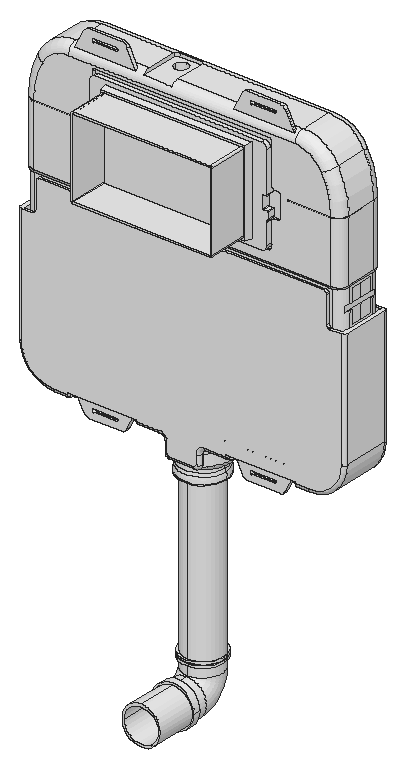
Revit family "Reece_Cistern_Hideaway_Plus_Inwall Cistern_Back to Wall", category Plumbing Fixtures, Revit 2018
Family settings
  Round Connector Dimension = Use Diameter
  Part Type = Normal
  Work Plane-Based = Yes
  Always vertical = Yes
  Cut with Voids When Loaded = Yes
  Shared = No
  Room Calculation Point = No
Parameters (values of type "White")
  URL = "https://www.reece.com.au/product/-9503671"
  Type Comments = "Cistern"
  Reece_Product_Mount = "N/A"
  Reece_Pipe_Length [instance] = 295 mm
  Reece_Pipe_Length_Offset [instance] = if(Reece_Pipe_Length > 295 mm, 295 mm, if(Reece_Pipe_Length < 145 mm, 145 mm, Reece_Pipe_Length))  # 295 mm
  Reece_Detail_Disclaimer = "THIS FILE IS THE PROPERTY OF THE REECE GROUP. IT MAY NOT BE REPRODUCED, REVERSE-ENGINEERED OR MODIFIED. ANY REPUBLICATION, TRANSMISSION OR DISTRIBUTION FOR THE PURPOSE OF COMMERCIALLY EXPLOITING THE FILES IS PROHIBITED."  # constant formula
  Reece_Cistern_Button_Attachment Point [instance] = 440 mm + Reece_Back_Inlet + Reece_Pipe_Length_Offset  # 1000 mm
  Reece_Water_Supply_Connection = 12 mm  # constant formula
  Reece_Product_Type = "Cistern"  # constant formula
  Reece_Finished_Wall_Thickness [instance] = 70 mm
  Reece_Finished_Wall_Thickness_Value [instance] = if(Reece_Finished_Wall_Thickness > 70 mm, 70 mm, if(Reece_Finished_Wall_Thickness < 20 mm, 20 mm, Reece_Finished_Wall_Thickness))  # 70 mm
  Reece_Product_Web Page = "https://www.reece.com.au/product/-9503671"
  Reece_Product_Sub Brand = "Plus"  # constant formula
  Reece_Product_Number = "9503671"
  Reece_Product_Description = "Hideaway+ Inwall Cistern Back to Wall (4 Star)"  # constant formula
  Reece_Product_Brand = "Hideaway"  # constant formula
  Reece_Overall_Width = 495 mm  # constant formula
  Reece_Material_Cistern = Reece_Acrylic_White
  Reece_Detail_Installation = "Inwall Cistern"  # constant formula
  Reece_Detail_Additional = "Back to Wall"  # constant formula
  Reece_Back_Inlet [instance] = 265 mm
  Model = "Plus"
  Manufacturer = "Hideaway"
  Keynote = "Product #9503671, Reece_Cistern_Hideaway_Plus_Inwall Cistern_Back to Wall - White"
  Disclaimer = "THIS FILE IS THE PROPERTY OF THE REECE GROUP. IT MAY NOT BE REPRODUCED, REVERSE-ENGINEERED OR MODIFIED. ANY REPUBLICATION, TRANSMISSION OR DISTRIBUTION FOR THE PURPOSE OF COMMERCIALLY EXPLOITING THE FILES IS PROHIBITED."  # constant formula
  Description = "Hideaway+ Inwall Cistern Back to Wall (4 Star)"
  Default Elevation = 0 mm
Types (2, lengths in mm): name | Keynote
  (no name) | "Product #9503671, Reece_Cistern_Hideaway_Plus_Inwall Cistern_Back to Wall -  "
  White | "Product #9503671, Reece_Cistern_Hideaway_Plus_Inwall Cistern_Back to Wall - White"
Reference planes
  plane 1 "Face of Wall": y = 0
  plane 2: z = 0
  plane 3 "Center (Left/Right)": x = 0
  plane 4 "Front of Cistern": y = 70
  plane 5: x = 247.5
  plane 6: x = -247.5
  plane 7 "Centre of Buttons": z = 1000
  plane 8 "Back of Cistern": y = 156
  plane 9 "Top of Cistern": z = 1095
  plane 10 "Centre of Connection": z = 265
  plane 11 "Bottom of Cistern": z = 560
Forms (mm)
  Sweep 1, solid, material "Reece_Acrylic_White" <- "Reece_Material_Cistern"
    path origin (0, 0, 0) x (0, 1, 0) y (0, 0, 1)
      loop
        line (116, 560) -> (116, 295)
        arc (116, 295) -> (107.213, 273.787) -> (86, 265) r 30
        line (86, 265) -> (0, 265)
    profile origin (0, 43, 265) x (0, 0, -1) y (1, 0, 0)
      loop
        circle (0, 0) r 29
      loop
        circle (0, 0) r 26
  Extrusion 2, solid, material "Reece_Acrylic_White" <- "Reece_Material_Cistern"
    sketch origin (0, 0, 265) x (-1, 0, 0) y (0, -1, 0)
      loop
        circle (0, -116) r 29
      loop
        circle (0, -116) r 32
    from 45 to 48
  Extrusion 3, solid, material "Reece_Acrylic_White" <- "Reece_Material_Cistern"
    sketch origin (0, 0, 265) x (-1, 0, 0) y (0, -1, 0)
      loop
        circle (0, -116) r 29
      loop
        circle (0, -116) r 32
    from 50 to 53
  Revolve 4, solid, material "Reece_Acrylic_White" <- "Reece_Material_Cistern"
    sketch origin (0, 0, 265) x (-1, 0, 0) y (0, -1, 0)
      loop
        line (29, -70) -> (32, -70) -> (32, -59) -> (29, -59) -> (29, -70)
      axis (0, -70) -> (0, -59)
    angle from 0 to 360
  Extrusion 5, void
    sketch origin (0, 0, 560) x (-1, 0, 0) y (0, -1, 0)
      loop
        line (247.5, -156) -> (247.5, -70) -> (-247.5, -70) -> (-247.5, -156) -> (247.5, -156)
    from 0 to 563
  Extrusion 6, void
    sketch origin (0, 0, 0) x (0, 1, 0) y (0, 0, 1)
      loop
        line (156, 560) -> (70, 560) -> (70, 222) -> (156, 222) -> (156, 560)
    from -37 to 37
  Extrusion 7, void
    sketch origin (0, 0, 0) x (1, 0, 0) y (0, 0, 1)
      loop
        line (-110.5, 1065) -> (-110.5, 933) -> (110.5, 933) -> (110.5, 1065) -> (-110.5, 1065)
    from 0 to -70
  Extrusion 8, void
    sketch origin (0, 0, 0) x (1, 0, 0) y (0, 0, 1)
      loop
        circle (0, 265) r 32
    from 0 to -70
Text (mm)
  text "Reece ©" at (2328.504, -2697.783, 2990.526), in view "Reece Preview"
  text "Reece Copyright © 2018, Reece Ltd." at (-513.542, -62.732, 0), in view "Ref. Level"
Dimensions and locks
  plane 6 to plane 5 = 495 mm
  equal spacing: plane 6, plane 3 "Center (Left/Right)", plane 5
  plane 7 "Centre of Buttons" to plane 2 = 1000 mm  (x3)
  plane 7 "Centre of Buttons" to plane 10 "Centre of Connection" = 735 mm
  locked: plane 9 "Top of Cistern" to plane 7 "Centre of Buttons" at 95
  locked: plane 9 "Top of Cistern" to plane 11 "Bottom of Cistern" at 535
  plane 8 "Back of Cistern" to plane 4 "Front of Cistern" to plane 1 "Face of Wall" = 86 mm, 70 mm
  "Reece_Finished_Wall_Thickness_Value": plane 4 "Front of Cistern" to plane 1 "Face of Wall"
  plane 8 "Back of Cistern" to plane 4 "Front of Cistern" = 86 mm
  plane 5 to plane 6 = 495 mm  (x2)
  plane 2 to plane 9 "Top of Cistern" = 1095 mm
  "Reece_Pipe_Length_Offset": plane 11 "Bottom of Cistern" to plane 10 "Centre of Connection"
  "Reece_Back_Inlet": plane 10 "Centre of Connection" to plane 2
  plane 1 "Face of Wall" to plane 4 "Front of Cistern" to plane 8 "Back of Cistern" = 70 mm, 86 mm
  aligned and locked: level to plane 2
  aligned and locked: Revolve 4 to plane 4 "Front of Cistern"
  aligned and locked: plane 4 "Front of Cistern" to Extrusion 7
  aligned and locked: plane 4 "Front of Cistern" to Extrusion 8
  aligned and locked: Extrusion 5 to nested 1
Automatic sketch dimensions
  Sweep 1 sketch curve to plane 1 "Face of Wall" = 0 mm
  Sweep 1 sketch curve to plane 10 "Centre of Connection" = 0 mm
  Sweep 1 sketch curve to plane 11 "Bottom of Cistern" = 0 mm
  Sweep 1 sketch curve to Sweep 1 sketch curve = 30 mm
  plane 4 "Front of Cistern" to Sweep 1 sketch curve = 16 mm
  Extrusion 2 sketch curve to Extrusion 2 sketch curve = 0 mm  (x2)
  Extrusion 2 sketch curve to plane 3 "Center (Left/Right)" = 0 mm
  Extrusion 2 sketch curve to plane 8 "Back of Cistern" = 40 mm
  Extrusion 3 sketch curve to Extrusion 3 sketch curve = 0 mm  (x2)
  Extrusion 3 sketch curve to plane 3 "Center (Left/Right)" = 0 mm
  Extrusion 3 sketch curve to plane 8 "Back of Cistern" = 40 mm
  Revolve 4 sketch curve to plane 3 "Center (Left/Right)" = 0 mm
  Revolve 4 sketch curve to plane 4 "Front of Cistern" = 0 mm  (x2)
  Revolve 4 sketch curve to Revolve 4 sketch curve = 29 mm
  Revolve 4 sketch curve to Revolve 4 sketch curve = 3 mm
  Revolve 4 sketch curve to plane 4 "Front of Cistern" = 11 mm  (x2)
  Sweep 1 sketch curve to Sweep 1 sketch curve = 0 mm  (x6)
  Sweep 1 sketch curve to plane 3 "Center (Left/Right)" = 0 mm
  Sweep 1 sketch curve to profile plane = 0 mm
  Sweep 1 sketch curve to plane 3 "Center (Left/Right)" = 26 mm
  Extrusion 5 sketch curve to plane 5 = 0 mm
  Extrusion 5 sketch curve to plane 4 "Front of Cistern" = 0 mm
  Extrusion 5 sketch curve to plane 6 = 0 mm
  Extrusion 5 sketch curve to plane 8 "Back of Cistern" = 0 mm
  Extrusion 6 sketch curve to plane 11 "Bottom of Cistern" = 0 mm
  Extrusion 6 sketch curve to plane 10 "Centre of Connection" = 43 mm
  Extrusion 6 sketch curve to plane 8 "Back of Cistern" = 0 mm
  Extrusion 7 sketch curve to plane 3 "Center (Left/Right)" = 110.5 mm
  plane 3 "Center (Left/Right)" to Extrusion 7 sketch curve = 110.5 mm
  Extrusion 7 sketch curve to plane 7 "Centre of Buttons" = 67 mm
  Extrusion 7 sketch curve to plane 9 "Top of Cistern" = 30 mm
  Extrusion 6 sketch curve to plane 4 "Front of Cistern" = 0 mm
  Extrusion 8 sketch curve to plane 3 "Center (Left/Right)" = 0 mm
  Extrusion 8 sketch curve to plane 10 "Centre of Connection" = 0 mm
  radius of Extrusion 2 sketch curve = 29 mm
  radius of Extrusion 2 sketch curve = 32 mm
  radius of Extrusion 3 sketch curve = 29 mm
  radius of Extrusion 3 sketch curve = 32 mm
  radius of Sweep 1 sketch curve = 29 mm
  radius of Extrusion 8 sketch curve = 32 mm
Nested families
  nested 1: "Reece_Cistern_Hideaway_Plus_Inwall Cistern_Back to Wall_Nested" at (0, 0, 560), Reece_Finished_Wall_Thickness_Value <- "Reece_Finished_Wall_Thickness_Value", Reece_Material_Cistern <- "Reece_Material_Cistern", type "Reece_Cistern_Hideaway_Plus_Inwall Cistern_Back to Wall_Nested"
    with Reece_Material_Cistern Reece_Acrylic_White, Reece_Finished_Wall_Thickness_Value 70 mm, Reece_Finished_Wall_Thickness 70 mm
Connectors
  piping at (-40, 125, 1090), diameter 12, driven by "Reece_Water_Supply_Connection"
    settings: on nested 1, index 1, connector inside diameter 609.6 mm, connector length 0 mm, flow factor 0, pipe flow 0.0 L/s, pressure drop 0.0 Pa, fitting loss kfactor 0, connector angle 0.00°, fixture units 0, engagement length 0 mm, angle of deflection 0.00°, flow configuration 0, flow direction 1, fitting loss method 0, system type 29, joint type 0, gender type 0, connector reference index -1, connector utility 0, adjustable connector no, is connector primary yes, connector description ""
Definition of nested family "Reece_Cistern_Hideaway_Plus_Inwall Cistern_Back to Wall_Nested"
  Parameters (values of type "Reece_Cistern_Hideaway_Plus_Inwall Cistern_Back to Wall_Nested")
    Waste Connection = no
    WFU = 0
    Vent Connection = no
    URL = ""
    Type Comments = ""
    Reece_Finished_Wall_Thickness_Value [instance] = 70 mm
    Reece_Finished_Wall_Thickness [instance] = if(Reece_Finished_Wall_Thickness_Value > 70 mm, 70 mm, if(Reece_Finished_Wall_Thickness_Value < 20 mm, 20 mm, Reece_Finished_Wall_Thickness_Value))  # 70 mm
    Reece_Material_Cistern [instance] = none
    Model = ""
    Manufacturer = ""
    Keynote = ""
    HWFU = 0
    HW Connection = no
    Description = ""
    Default Elevation = 0 mm
    Cost = 0
    CWFU = 0
    CW Connection = no
    Assembly Code = ""
  Reference planes
    plane 1 "Face of Wall Cladding": y = 0
    plane 2: z = 0
    plane 3 "Center (Left/Right)": x = 0
    plane 4 "Rear of Wall Cladding": y = 70
    plane 5: x = 247.5
    plane 6: x = -247.5
    plane 7 "Back of Cistern": y = 156
    plane 8 "Centre of Pipe": y = 116
    plane 9: z = 535
  Forms (mm)
    Sweep 1, solid, material <- "Reece_Material_Cistern"
      path origin (0, 156, -560) x (-1, 0, 0) y (0, 0, 1)
        loop
          line (240, 905.582) -> (240, 1001)
          arc (240, 1001) -> (236.137, 1032.852) -> (224.771, 1062.856) r 133.233
          arc (224.771, 1062.856) -> (202.682, 1086.339) -> (171.629, 1095) r 60
          line (171.629, 1095) -> (-171.629, 1095)
          arc (-171.629, 1095) -> (-202.682, 1086.339) -> (-224.771, 1062.856) r 60
          arc (-224.771, 1062.856) -> (-236.137, 1032.852) -> (-240, 1001) r 133.233
          line (-240, 1001) -> (-240, 905.582)
      profile origin (0, 156, 535) x (0, 0, -1) y (0, 1, 0)
        loop
          arc (15, -1) -> (4.393, -5.393) -> (0, -16) r 15
          line (0, -16) -> (0, -64)
          arc (0, -64) -> (4.393, -74.607) -> (15, -79) r 15
          line (15, -79) -> (15, -1)
    Extrusion 2, solid, material <- "Reece_Material_Cistern"
      sketch origin (0, 70, -560) x (-1, 0, 0) y (0, 0, 1)
        loop
          arc (-171.629, 1080) -> (-194.919, 1073.504) -> (-211.485, 1055.892) r 45
          arc (-211.485, 1055.892) -> (-221.572, 1029.266) -> (-225, 1001) r 118.233
          line (-225, 1001) -> (-225, 905.582) -> (225, 905.582) -> (225, 1001)
          arc (225, 1001) -> (221.572, 1029.266) -> (211.485, 1055.892) r 118.233
          arc (211.485, 1055.892) -> (194.919, 1073.504) -> (171.629, 1080) r 45
          line (171.629, 1080) -> (-171.629, 1080)
      from 7 to 85
    Extrusion 3, void
      sketch origin (0, 7, 535) x (-1, 0, 0) y (0, -1, 0)
        loop
          arc (240, -85) -> (235.607, -74.393) -> (225, -70) r 15
          line (225, -70) -> (160.313, -70) -> (160.313, -72) -> (225, -72)
          arc (225, -72) -> (234.192, -75.808) -> (238, -85) r 13
          line (238, -85) -> (238, -109) -> (240, -109) -> (240, -85)
        loop
          line (-240, -85) -> (-240, -109) -> (-238, -109) -> (-238, -85)
          arc (-238, -85) -> (-234.192, -75.808) -> (-225, -72) r 13
          line (-225, -72) -> (-160.312, -72) -> (-160.312, -70) -> (-225, -70)
          arc (-225, -70) -> (-235.607, -74.393) -> (-240, -85) r 15
      from -96 to -94
    Extrusion 4, solid, material <- "Reece_Material_Cistern"
      sketch origin (0, 70, -560) x (-1, 0, 0) y (0, 0, 1)
        loop
          arc (-225, 724.999) -> (-221.349, 695.845) -> (-210.623, 668.492) r 118.233
          arc (-210.623, 668.492) -> (-194.086, 651.315) -> (-171.095, 644.999) r 45
          line (-171.095, 644.999) -> (171.095, 644.999)
          arc (171.095, 644.999) -> (194.086, 651.315) -> (210.623, 668.492) r 45
          arc (210.623, 668.492) -> (221.349, 695.845) -> (225, 724.999) r 118.233
          line (225, 724.999) -> (225, 905.582) -> (-225, 905.582) -> (-225, 724.999)
      from 10 to 82
    Sweep 5, solid, material <- "Reece_Material_Cistern"
      path origin (0, 70, 1164.999) x (-1, 0, 0) y (0, 0, -1)
        loop
          line (240, 819.417) -> (240, 1000)
          arc (240, 1000) -> (235.886, 1032.852) -> (223.799, 1063.675) r 133.233
          arc (223.799, 1063.675) -> (201.75, 1086.578) -> (171.095, 1095) r 60
          line (171.095, 1095) -> (-171.095, 1095)
          arc (-171.095, 1095) -> (-201.75, 1086.578) -> (-223.799, 1063.675) r 60
          arc (-223.799, 1063.675) -> (-235.886, 1032.852) -> (-240, 1000) r 133.233
          line (-240, 1000) -> (-240, 819.417)
      profile origin (0, 70, 69.999) x (0, 0, -1) y (0, 1, 0)
        loop
          line (-15, 82) -> (-15, 10)
          arc (-15, 10) -> (-4.393, 14.393) -> (0, 25) r 15
          line (0, 25) -> (0, 67)
          arc (0, 67) -> (-4.393, 77.607) -> (-15, 82) r 15
    Sweep 6, solid, material <- "Reece_Material_Cistern"
      path origin (0, 3, 345.582) x (0, -1, 0) y (1, 0, 0)
        loop
          line (-152, 225) -> (-152, -225)
          arc (-152, -225) -> (-147.607, -235.607) -> (-137, -240) r 15
          line (-137, -240) -> (-89, -240)
          arc (-89, -240) -> (-78.393, -235.607) -> (-74, -225) r 15
          line (-74, -225) -> (-74, 225)
          arc (-74, 225) -> (-78.393, 235.607) -> (-89, 240) r 15
          line (-89, 240) -> (-137, 240)
          arc (-137, 240) -> (-147.607, 235.607) -> (-152, 225) r 15
      profile origin (0, 155, 345.582) x (0, -1, 0) y (0, 0, 1)
        loop
          arc (0, 0) -> (0.879, -2.121) -> (3, -3) r 3
          line (3, -3) -> (3, 0) -> (0, 0)
    Extrusion 7, solid, material <- "Reece_Material_Cistern"
      sketch origin (0, 156, -560) x (-1, 0, 0) y (0, 0, 1)
        loop
          line (0, 898) -> (-215.001, 898)
          arc (-215.001, 898) -> (-218.536, 896.535) -> (-220.001, 893) r 5
          line (-220.001, 893) -> (-220.001, 853)
          arc (-220.001, 853) -> (-221.465, 849.464) -> (-225.001, 848) r 5
          line (-225.001, 848) -> (-240, 848) -> (-240, 669.999)
          arc (-240, 669.999) -> (-226.088, 636.411) -> (-192.5, 622.499) r 47.5
          line (-192.5, 622.499) -> (-34.75, 622.499)
          arc (-34.75, 622.499) -> (-24.144, 618.105) -> (-19.75, 607.499) r 15
          line (-19.75, 607.499) -> (-19.75, 592.999)
          arc (-19.75, 592.999) -> (-19.457, 592.292) -> (-18.75, 591.999) r 1
          line (-18.75, 591.999) -> (18.75, 591.999)
          arc (18.75, 591.999) -> (19.457, 592.292) -> (19.75, 592.999) r 1
          line (19.75, 592.999) -> (19.75, 607.499)
          arc (19.75, 607.499) -> (24.144, 618.105) -> (34.75, 622.499) r 15
          line (34.75, 622.499) -> (192.5, 622.499)
          arc (192.5, 622.499) -> (226.088, 636.411) -> (240, 669.999) r 47.5
          line (240, 669.999) -> (240, 848) -> (225.001, 848)
          arc (225.001, 848) -> (221.465, 849.464) -> (220.001, 853) r 5
          line (220.001, 853) -> (220.001, 893)
          arc (220.001, 893) -> (218.536, 896.535) -> (215.001, 898) r 5
          line (215.001, 898) -> (0, 898)
      from -76 to -80
    Extrusion 8, solid, material <- "Reece_Material_Cistern"
      sketch origin (0, 156, -560) x (-1, 0, 0) y (0, 0, 1)
        loop
          line (0, 898) -> (-215.001, 898)
          arc (-215.001, 898) -> (-218.536, 896.535) -> (-220.001, 893) r 5
          line (-220.001, 893) -> (-220.001, 853)
          arc (-220.001, 853) -> (-221.465, 849.464) -> (-225.001, 848) r 5
          line (-225.001, 848) -> (-240, 848) -> (-240, 669.999)
          arc (-240, 669.999) -> (-226.088, 636.411) -> (-192.5, 622.499) r 47.5
          line (-192.5, 622.499) -> (-34.75, 622.499)
          arc (-34.75, 622.499) -> (-24.144, 618.105) -> (-19.75, 607.499) r 15
          line (-19.75, 607.499) -> (-19.75, 592.999)
          arc (-19.75, 592.999) -> (-19.457, 592.292) -> (-18.75, 591.999) r 1
          line (-18.75, 591.999) -> (18.75, 591.999)
          arc (18.75, 591.999) -> (19.457, 592.292) -> (19.75, 592.999) r 1
          line (19.75, 592.999) -> (19.75, 607.499)
          arc (19.75, 607.499) -> (24.144, 618.105) -> (34.75, 622.499) r 15
          line (34.75, 622.499) -> (192.5, 622.499)
          arc (192.5, 622.499) -> (226.088, 636.411) -> (240, 669.999) r 47.5
          line (240, 669.999) -> (240, 848) -> (225.001, 848)
          arc (225.001, 848) -> (221.465, 849.464) -> (220.001, 853) r 5
          line (220.001, 853) -> (220.001, 893)
          arc (220.001, 893) -> (218.536, 896.535) -> (215.001, 898) r 5
          line (215.001, 898) -> (0, 898)
      from 0 to -4
    Sweep 9, solid, material <- "Reece_Material_Cistern"
      path origin (0, 70, -560) x (-1, 0, 0) y (0, 0, 1)
        loop
          line (-240, 848) -> (-240, 669.999)
          arc (-240, 669.999) -> (-226.088, 636.411) -> (-192.5, 622.499) r 47.5
          line (-192.5, 622.499) -> (-34.75, 622.499)
          arc (-34.75, 622.499) -> (-24.144, 618.105) -> (-19.75, 607.499) r 15
          line (-19.75, 607.499) -> (-19.75, 592.999)
          arc (-19.75, 592.999) -> (-19.457, 592.292) -> (-18.75, 591.999) r 1
          line (-18.75, 591.999) -> (18.75, 591.999)
          arc (18.75, 591.999) -> (19.457, 592.292) -> (19.75, 592.999) r 1
          line (19.75, 592.999) -> (19.75, 607.499)
          arc (19.75, 607.499) -> (24.144, 618.105) -> (34.75, 622.499) r 15
          line (34.75, 622.499) -> (192.5, 622.499)
          arc (192.5, 622.499) -> (226.088, 636.411) -> (240, 669.999) r 47.5
          line (240, 669.999) -> (240, 848)
      profile origin (34.75, 70, 62.499) x (0, 0, 1) y (0, 1, 0)
        loop
          line (0, 86) -> (-2.5, 86)
          arc (-2.5, 86) -> (-6.036, 84.536) -> (-7.5, 81) r 5
          line (-7.5, 81) -> (-7.5, 11)
          arc (-7.5, 11) -> (-6.036, 7.464) -> (-2.5, 6) r 5
          line (-2.5, 6) -> (0, 6) -> (0, 86)
    Extrusion 10, void
      sketch origin (0, 156, -560) x (-1, 0, 0) y (0, 0, 1)
        loop
          line (131, 1076.501) -> (-131.001, 1076.501)
          arc (-131.001, 1076.501) -> (-134.537, 1075.036) -> (-136.002, 1071.5) r 5.001
          line (-136.002, 1071.5) -> (-136.002, 1012.003)
          arc (-136.002, 1012.003) -> (-137.465, 1008.469) -> (-140.999, 1007.005) r 4.997
          line (-140.999, 1007.005) -> (-145.014, 1007.005)
          arc (-145.014, 1007.005) -> (-148.363, 1005.724) -> (-150, 1002.535) r 5.016
          line (-150, 1002.535) -> (-150, 972)
          arc (-150, 972) -> (-148.394, 968.328) -> (-144.606, 967.015) r 5
          line (-144.606, 967.015) -> (-141.004, 967.015)
          arc (-141.004, 967.015) -> (-137.463, 965.549) -> (-135.997, 962.008) r 5.008
          line (-135.997, 962.008) -> (-135.997, 926.999)
          arc (-135.997, 926.999) -> (-134.533, 923.465) -> (-130.998, 922.001) r 4.998
          line (-130.998, 922.001) -> (131.001, 922.001)
          arc (131.001, 922.001) -> (134.536, 923.465) -> (136, 927) r 5
          line (136, 927) -> (136, 962)
          arc (136, 962) -> (137.465, 965.535) -> (141, 967) r 5
          line (141, 967) -> (145, 967)
          arc (145, 967) -> (148.536, 968.464) -> (150, 972) r 5
          line (150, 972) -> (150, 1002)
          arc (150, 1002) -> (148.536, 1005.536) -> (145, 1007) r 5
          line (145, 1007) -> (141, 1007)
          arc (141, 1007) -> (137.465, 1008.464) -> (136.001, 1012) r 5
          line (136.001, 1012) -> (136.001, 1071.5)
          arc (136.001, 1071.5) -> (134.536, 1075.036) -> (131, 1076.501) r 5
      from -79 to -75
    Extrusion 11, solid, material <- "Reece_Material_Cistern"
      sketch origin (0, 81, -560) x (1, 0, 0) y (0, 0, 1)
        loop
          arc (-126, 1071) -> (-131.657, 1068.657) -> (-134, 1063) r 8
          line (-134, 1063) -> (-134, 1000.8)
          arc (-134, 1000.8) -> (-133.708, 1000.093) -> (-133, 999.8) r 1
          line (-133, 999.8) -> (-129, 999.8)
          arc (-129, 999.8) -> (-128.293, 999.507) -> (-128, 998.8) r 1
          line (-128, 998.8) -> (-128, 980.8)
          arc (-128, 980.8) -> (-128.293, 980.093) -> (-129, 979.8) r 1
          line (-129, 979.8) -> (-135, 979.8)
          arc (-135, 979.8) -> (-135.708, 979.507) -> (-136, 978.8) r 1
          line (-136, 978.8) -> (-136, 969.029)
          arc (-136, 969.029) -> (-135.739, 967.805) -> (-135, 966.793) r 3
          arc (-135, 966.793) -> (-134.262, 965.782) -> (-134, 964.557) r 3
          line (-134, 964.557) -> (-134, 932.5)
          arc (-134, 932.5) -> (-131.657, 926.843) -> (-126, 924.5) r 8
          line (-126, 924.5) -> (126, 924.5)
          arc (126, 924.5) -> (131.657, 926.843) -> (134, 932.5) r 8
          line (134, 932.5) -> (134, 964.557)
          arc (134, 964.557) -> (134.262, 965.782) -> (135, 966.793) r 3
          arc (135, 966.793) -> (135.739, 967.805) -> (136, 969.029) r 3
          line (136, 969.029) -> (136, 978.8)
          arc (136, 978.8) -> (135.708, 979.507) -> (135, 979.8) r 1
          line (135, 979.8) -> (129, 979.8)
          arc (129, 979.8) -> (128.293, 980.093) -> (128, 980.8) r 1
          line (128, 980.8) -> (128, 998.8)
          arc (128, 998.8) -> (128.293, 999.507) -> (129, 999.8) r 1
          line (129, 999.8) -> (133, 999.8)
          arc (133, 999.8) -> (133.708, 1000.093) -> (134, 1000.8) r 1
          line (134, 1000.8) -> (134, 1063)
          arc (134, 1063) -> (131.657, 1068.657) -> (126, 1071) r 8
          line (126, 1071) -> (-126, 1071)
      from 0 to 11
    SweptBlend 12, solid, material <- "Reece_Material_Cistern"
      path origin (0, 0, 535) x (-1, 0, 0) y (0, -1, 0)
        loop
          line (0, -70) -> (0, -59)
      profile origin (0, 70, 535) x (1, 0, 0) y (0, 0, 1)
        loop
          line (110.5, -30) -> (-110.5, -30) -> (-110.5, -162) -> (110.5, -162) -> (110.5, -30)
      end profile origin (0, 59, 535) x (1, 0, 0) y (0, 0, 1)
        loop
          line (108.5, -32) -> (-108.5, -32) -> (-108.5, -160) -> (108.5, -160) -> (108.5, -32)
    Extrusion 13, solid, material <- "Reece_Material_Cistern"
      sketch origin (0, 0, -560) x (1, 0, 0) y (0, 0, 1)
        loop
          line (103.5, 1061) -> (-103.5, 1061)
          arc (-103.5, 1061) -> (-105.622, 1060.122) -> (-106.5, 1058) r 3
          line (-106.5, 1058) -> (-106.5, 940)
          arc (-106.5, 940) -> (-105.622, 937.878) -> (-103.5, 937) r 3
          line (-103.5, 937) -> (103.5, 937)
          arc (103.5, 937) -> (105.622, 937.878) -> (106.5, 940) r 3
          line (106.5, 940) -> (106.5, 1058)
          arc (106.5, 1058) -> (105.622, 1060.122) -> (103.5, 1061) r 3
        loop
          line (103.5, 1059) -> (-103.5, 1059)
          arc (-103.5, 1059) -> (-104.207, 1058.707) -> (-104.5, 1058) r 1
          line (-104.5, 1058) -> (-104.5, 940)
          arc (-104.5, 940) -> (-104.207, 939.293) -> (-103.5, 939) r 1
          line (-103.5, 939) -> (103.5, 939)
          arc (103.5, 939) -> (104.207, 939.293) -> (104.5, 940) r 1
          line (104.5, 940) -> (104.5, 1058)
          arc (104.5, 1058) -> (104.207, 1058.707) -> (103.5, 1059) r 1
      from 0 to -59
    Extrusion 14, solid, material <- "Reece_Material_Cistern"
      sketch origin (0, 156, -560) x (-1, 0, 0) y (0, 0, 1)
        loop
          line (-73.724, 1090.447) -> (-87.236, 1117.473)
          arc (-87.236, 1117.473) -> (-90.923, 1121.507) -> (-96.181, 1123) r 10
          line (-96.181, 1123) -> (-143.82, 1123)
          arc (-143.82, 1123) -> (-149.077, 1121.507) -> (-152.764, 1117.473) r 10
          line (-152.764, 1117.473) -> (-166.277, 1090.447)
          arc (-166.277, 1090.447) -> (-166.233, 1089.475) -> (-165.382, 1089) r 1
          line (-165.382, 1089) -> (-74.618, 1089)
          arc (-74.618, 1089) -> (-73.768, 1089.475) -> (-73.724, 1090.447) r 1
        loop
          line (-103, 1113) -> (-137, 1113)
          arc (-137, 1113) -> (-140, 1110) -> (-137, 1107) r 3
          line (-137, 1107) -> (-103, 1107)
          arc (-103, 1107) -> (-100, 1110) -> (-103, 1113) r 3
        loop
          arc (73.724, 1090.447) -> (73.768, 1089.475) -> (74.618, 1089) r 1
          line (74.618, 1089) -> (165.382, 1089)
          arc (165.382, 1089) -> (166.233, 1089.475) -> (166.277, 1090.447) r 1
          line (166.277, 1090.447) -> (152.764, 1117.473)
          arc (152.764, 1117.473) -> (149.077, 1121.507) -> (143.82, 1123) r 10
          line (143.82, 1123) -> (96.181, 1123)
          arc (96.181, 1123) -> (90.923, 1121.507) -> (87.236, 1117.473) r 10
          line (87.236, 1117.473) -> (73.724, 1090.447)
        loop
          arc (103, 1113) -> (100, 1110) -> (103, 1107) r 3
          line (103, 1107) -> (137, 1107)
          arc (137, 1107) -> (140, 1110) -> (137, 1113) r 3
          line (137, 1113) -> (103, 1113)
      from -74 to -70
    Extrusion 15, solid, material <- "Reece_Material_Cistern"
      sketch origin (0, 156, 1157.999) x (1, 0, 0) y (0, 0, -1)
        loop
          line (-73.724, 1090.447) -> (-87.236, 1117.473)
          arc (-87.236, 1117.473) -> (-90.923, 1121.507) -> (-96.181, 1123) r 10
          line (-96.181, 1123) -> (-143.82, 1123)
          arc (-143.82, 1123) -> (-149.077, 1121.507) -> (-152.764, 1117.473) r 10
          line (-152.764, 1117.473) -> (-166.277, 1090.447)
          arc (-166.277, 1090.447) -> (-166.233, 1089.475) -> (-165.382, 1089) r 1
          line (-165.382, 1089) -> (-74.618, 1089)
          arc (-74.618, 1089) -> (-73.768, 1089.475) -> (-73.724, 1090.447) r 1
        loop
          line (-103, 1113) -> (-137, 1113)
          arc (-137, 1113) -> (-140, 1110) -> (-137, 1107) r 3
          line (-137, 1107) -> (-103, 1107)
          arc (-103, 1107) -> (-100, 1110) -> (-103, 1113) r 3
        loop
          arc (73.724, 1090.447) -> (73.768, 1089.475) -> (74.618, 1089) r 1
          line (74.618, 1089) -> (165.382, 1089)
          arc (165.382, 1089) -> (166.233, 1089.475) -> (166.277, 1090.447) r 1
          line (166.277, 1090.447) -> (152.764, 1117.473)
          arc (152.764, 1117.473) -> (149.077, 1121.507) -> (143.82, 1123) r 10
          line (143.82, 1123) -> (96.181, 1123)
          arc (96.181, 1123) -> (90.923, 1121.507) -> (87.236, 1117.473) r 10
          line (87.236, 1117.473) -> (73.724, 1090.447)
        loop
          arc (103, 1113) -> (100, 1110) -> (103, 1107) r 3
          line (103, 1107) -> (137, 1107)
          arc (137, 1107) -> (140, 1110) -> (137, 1113) r 3
          line (137, 1113) -> (103, 1113)
      from -74 to -70
    Extrusion 16, void
      sketch origin (0, 0, 535) x (-1, 0, 0) y (0, -1, 0)
        loop
          line (172.501, -68) -> (67.501, -68) -> (67.501, -80)
          arc (67.501, -80) -> (68.965, -83.536) -> (72.501, -85) r 5
          line (72.501, -85) -> (167.501, -85)
          arc (167.501, -85) -> (171.036, -83.536) -> (172.501, -80) r 5
          line (172.501, -80) -> (172.501, -68)
        loop
          line (-172.501, -68) -> (-172.501, -80)
          arc (-172.501, -80) -> (-171.036, -83.536) -> (-167.501, -85) r 5
          line (-167.501, -85) -> (-72.501, -85)
          arc (-72.501, -85) -> (-68.965, -83.536) -> (-67.501, -80) r 5
          line (-67.501, -80) -> (-67.501, -68) -> (-172.501, -68)
      from -500 to -472.001
    Extrusion 17, void
      sketch origin (0, 0, 535) x (-1, 0, 0) y (0, -1, 0)
        loop
          line (-239, -116) -> (-239, -97.5) -> (-240, -97.5) -> (-240, -116) -> (-240, -134.5) -> (-239, -134.5) -> (-239, -116)
      from -244.551 to -194.457
    Extrusion 18, void
      sketch origin (0, 0, -560) x (0, 1, 0) y (0, 0, 1)
        loop
          line (97.5, 880.496) -> (87.5, 880.496) -> (87.5, 870.496) -> (97.5, 870.496) -> (97.5, 871.496) -> (134.5, 871.496) -> (134.5, 870.496) -> (144.5, 870.496) -> (144.5, 880.496) -> (134.5, 880.496) -> (134.5, 879.496) -> (97.5, 879.496) -> (97.5, 880.496)
      from 238 to 245
    Extrusion 19, void
      sketch origin (0, 0, -560) x (0, 1, 0) y (0, 0, -1)
        loop
          line (97.5, -880.496) -> (97.5, -879.496) -> (134.5, -879.496) -> (134.5, -880.496) -> (144.5, -880.496) -> (144.5, -870.496) -> (134.5, -870.496) -> (134.5, -871.496) -> (97.5, -871.496) -> (97.5, -870.496) -> (87.5, -870.496) -> (87.5, -880.496) -> (97.5, -880.496)
      from 238 to 245
    Extrusion 20, void
      sketch origin (0, 0, 535) x (1, 0, 0) y (0, 1, 0)
        loop
          line (-239, 116) -> (-239, 134.5) -> (-240, 134.5) -> (-240, 116) -> (-240, 97.5) -> (-239, 97.5) -> (-239, 116)
      from -244.551 to -194.457
    Revolve 21, solid, material <- "Reece_Material_Cistern"
      sketch origin (0, 116, -560) x (-1, 0, 0) y (0, 0, 1)
        loop
          line (0, 628.181) -> (0, 584.999) -> (39, 584.999)
          arc (39, 584.999) -> (42.536, 586.463) -> (44, 589.999) r 5
          line (44, 589.999) -> (44, 607.499)
          arc (44, 607.499) -> (48.394, 618.105) -> (59, 622.499) r 15
          line (59, 622.499) -> (59, 628.181) -> (0, 628.181)
        axis (0, 584.999) -> (0, 628.181)
      angle from 0 to 360
    Revolve 22, solid, material <- "Reece_Material_Cistern"
      sketch origin (0, 116, -560) x (-1, 0, 0) y (0, 0, 1)
        loop
          line (36, 560) -> (36, 561.34)
          arc (36, 561.34) -> (35.703, 566.178) -> (34.816, 570.944) r 39.545
          arc (34.816, 570.944) -> (34.319, 573.338) -> (34.016, 575.765) r 30.237
          arc (34.016, 575.765) -> (33.757, 580.378) -> (33.75, 584.999) r 84.526
          line (33.75, 584.999) -> (0, 584.999) -> (0, 560) -> (36, 560)
        axis (0, 560) -> (0, 584.999)
      angle from 0 to 360
    Extrusion 23, void
      sketch origin (0, 0, -145) x (-1, 0, 0) y (0, -1, 0)
        loop
          arc (56.75, -142.853) -> (60.286, -141.389) -> (61.75, -137.853) r 5
          line (61.75, -137.853) -> (61.75, -2.788) -> (18.25, -2.788) -> (18.25, -137.853)
          arc (18.25, -137.853) -> (19.715, -141.389) -> (23.25, -142.853) r 5
          line (23.25, -142.853) -> (56.75, -142.853)
      from 690 to 675
    Extrusion 24, void
      sketch origin (0, 0, -145) x (-1, 0, 0) y (0, -1, 0)
        loop
          circle (40, -125) r 10
      from 665 to 686.716
    Extrusion 25, void
      sketch origin (0, 81, -560) x (-1, 0, 0) y (0, 0, 1)
        loop
          line (135.201, 1063) -> (135.201, 1073) -> (-134.579, 1073) -> (-134.579, 1063) -> (135.201, 1063)
      from 0 to -5
    Extrusion 26, void
      sketch origin (0, 0, -560) x (0, 1, 0) y (0, 0, 1)
        loop
          line (80, 631.747) -> (1.237, 631.747) -> (1.237, 576.747) -> (80, 576.747) -> (80, 631.747)
      from -67.501 to 58.736
    Extrusion 27, void
      sketch origin (0, 132, -560) x (0, -1, 0) y (0, 0, -1)
        loop
          line (-20, -631.747) -> (-20, -576.747) -> (-48.763, -576.747) -> (-48.763, -631.747) -> (-20, -631.747)
      from -67.501 to 58.736
  Cuts and joins
    Extrusion 17, Extrusion 18, Extrusion 19, Extrusion 20 cuts Sweep 5
    joined: Extrusion 4, Sweep 5
    Extrusion 25 cuts Extrusion 11
    Extrusion 3, Extrusion 23, Extrusion 24 cuts Sweep 1
    Extrusion 3, Extrusion 10 cuts Extrusion 2
    joined: Sweep 1, Extrusion 2, Extrusion 14
    Extrusion 26, Extrusion 27 cuts Revolve 21
    Extrusion 27 cuts Extrusion 7
    Extrusion 16 cuts Sweep 9
    joined: Extrusion 7, Extrusion 8, Sweep 9
  Text (mm)
    text "Reece ©" at (2468.472, -2857.075, 2691.266), in view "Reece Preview"
  Dimensions and locks
    "Reece_Finished_Wall_Thickness": plane 4 "Rear of Wall Cladding" to plane 1 "Face of Wall Cladding"
    plane 7 "Back of Cistern" to plane 4 "Rear of Wall Cladding" = 86 mm
    plane 7 "Back of Cistern" to plane 8 "Centre of Pipe" = 40 mm
    plane 9 to plane 2 = 535 mm
    SweptBlend 12 sketch curve to SweptBlend 12 sketch curve = 11 mm
    aligned and locked: level to plane 2
    aligned and locked: plane 4 "Rear of Wall Cladding" to SweptBlend 12 sketch curve
    aligned and locked: Extrusion 13 to SweptBlend 12
  Automatic sketch dimensions
    Sweep 1 sketch curve to plane 5 = 7.5 mm
    Sweep 1 sketch curve to plane 5 = 75.871 mm
    Sweep 1 sketch curve to Sweep 1 sketch curve = 64.862 mm
    Sweep 1 sketch curve to plane 3 "Center (Left/Right)" = 106.767 mm
    plane 6 to Sweep 1 sketch curve = 75.871 mm
    plane 6 to Sweep 1 sketch curve = 7.5 mm
    Sweep 1 sketch curve to profile plane = 0 mm
    Sweep 1 sketch curve to Sweep 1 sketch curve = 15 mm
    Sweep 1 sketch curve to plane 7 "Back of Cistern" = 79 mm
    Sweep 1 sketch curve to plane 7 "Back of Cistern" = 16 mm
    Extrusion 2 sketch curve to plane 5 = 22.5 mm
    Extrusion 2 sketch curve to plane 5 = 75.871 mm
    Extrusion 2 sketch curve to Extrusion 2 sketch curve = 64.862 mm
    Extrusion 2 sketch curve to plane 3 "Center (Left/Right)" = 106.767 mm
    plane 6 to Extrusion 2 sketch curve = 75.871 mm
    plane 6 to Extrusion 2 sketch curve = 22.5 mm
    Extrusion 3 sketch curve to Extrusion 3 sketch curve = 0 mm  (x4)
    Extrusion 3 sketch curve to plane 8 "Centre of Pipe" = 0 mm  (x2)
    Extrusion 3 sketch curve to plane 5 = 7.5 mm
    Extrusion 3 sketch curve to Extrusion 3 sketch curve = 2 mm
    Extrusion 3 sketch curve to Extrusion 3 sketch curve = 13 mm
    plane 4 "Rear of Wall Cladding" to Extrusion 3 sketch curve = 9 mm  (x2)
    Extrusion 3 sketch curve to Extrusion 3 sketch curve = 64.688 mm
    plane 4 "Rear of Wall Cladding" to Extrusion 3 sketch curve = 7 mm
    plane 6 to Extrusion 3 sketch curve = 87.188 mm
    plane 6 to Extrusion 3 sketch curve = 22.5 mm
    plane 6 to Extrusion 3 sketch curve = 9.5 mm
    Extrusion 4 sketch curve to plane 5 = 22.5 mm
    Extrusion 4 sketch curve to Extrusion 4 sketch curve = 53.905 mm
    Extrusion 4 sketch curve to Extrusion 4 sketch curve = 64.328 mm  (x2)
    Extrusion 4 sketch curve to plane 3 "Center (Left/Right)" = 106.767 mm
    plane 6 to Extrusion 4 sketch curve = 22.5 mm
    Extrusion 4 sketch curve to Extrusion 4 sketch curve = 45 mm  (x2)
    Extrusion 4 sketch curve to Extrusion 4 sketch curve = 35 mm  (x2)
    plane 5 to Sweep 5 sketch curve = 7.5 mm
    plane 5 to Sweep 5 sketch curve = 76.405 mm
    Sweep 5 sketch curve to Sweep 5 sketch curve = 64.328 mm  (x2)
    plane 3 "Center (Left/Right)" to Sweep 5 sketch curve = 106.767 mm
    Sweep 5 sketch curve to plane 6 = 7.5 mm
    Sweep 5 sketch curve to Sweep 5 sketch curve = 35 mm  (x2)
    Sweep 5 sketch curve to Sweep 5 sketch curve = 60 mm
    Sweep 5 sketch curve to profile plane = 0 mm
    profile plane to Sweep 5 sketch curve = 15 mm
    plane 4 "Rear of Wall Cladding" to Sweep 5 sketch curve = 10 mm
    Sweep 5 sketch curve to Sweep 5 sketch curve = 42 mm
    Sweep 6 sketch curve to plane 7 "Back of Cistern" = 1 mm
    plane 6 to Sweep 6 sketch curve = 7.5 mm
    Sweep 6 sketch curve to plane 7 "Back of Cistern" = 16 mm
    Sweep 6 sketch curve to Sweep 6 sketch curve = 15 mm
    plane 4 "Rear of Wall Cladding" to Sweep 6 sketch curve = 22 mm  (x2)
    plane 4 "Rear of Wall Cladding" to Sweep 6 sketch curve = 7 mm
    Sweep 6 sketch curve to plane 5 = 22.5 mm
    Sweep 6 sketch curve to profile plane = 0 mm  (x2)
    Sweep 6 sketch curve to profile plane = 3 mm
    Extrusion 7 sketch curve to plane 3 "Center (Left/Right)" = 0 mm
    Extrusion 7 sketch curve to plane 5 = 55 mm
    Extrusion 7 sketch curve to plane 5 = 32.499 mm
    Extrusion 7 sketch curve to Extrusion 7 sketch curve = 5 mm  (x4)
    Extrusion 7 sketch curve to plane 5 = 7.5 mm
    plane 6 to Extrusion 7 sketch curve = 55 mm
    plane 6 to Extrusion 7 sketch curve = 32.499 mm
    plane 6 to Extrusion 7 sketch curve = 7.5 mm
    Extrusion 7 sketch curve to Extrusion 7 sketch curve = 40 mm
    plane 3 "Center (Left/Right)" to Extrusion 8 sketch curve = 34.75 mm
    Extrusion 8 sketch curve to plane 3 "Center (Left/Right)" = 0 mm
    Extrusion 8 sketch curve to plane 5 = 55 mm
    Extrusion 8 sketch curve to plane 5 = 32.499 mm
    Extrusion 8 sketch curve to plane 5 = 27.499 mm
    Extrusion 8 sketch curve to Extrusion 8 sketch curve = 5 mm  (x3)
    Extrusion 8 sketch curve to plane 5 = 7.5 mm
    plane 6 to Extrusion 8 sketch curve = 55 mm
    plane 6 to Extrusion 8 sketch curve = 32.499 mm
    plane 6 to Extrusion 8 sketch curve = 7.5 mm
    Extrusion 8 sketch curve to Extrusion 8 sketch curve = 40 mm
    Sweep 9 sketch curve to plane 5 = 7.5 mm
    Sweep 9 sketch curve to Sweep 9 sketch curve = 47.5 mm
    plane 3 "Center (Left/Right)" to Sweep 9 sketch curve = 34.75 mm
    Sweep 9 sketch curve to Sweep 9 sketch curve = 15 mm  (x2)
    Sweep 9 sketch curve to Sweep 9 sketch curve = 1 mm  (x2)
    Sweep 9 sketch curve to plane 3 "Center (Left/Right)" = 18.75 mm
    plane 6 to Sweep 9 sketch curve = 55 mm
    plane 6 to Sweep 9 sketch curve = 7.5 mm
    Sweep 9 sketch curve to Sweep 9 sketch curve = 14.5 mm  (x2)
    profile plane to Sweep 9 sketch curve = 0 mm
    profile plane to Sweep 9 sketch curve = 2.5 mm  (x2)
    Sweep 9 sketch curve to Sweep 9 sketch curve = 5 mm
    plane 4 "Rear of Wall Cladding" to Sweep 9 sketch curve = 6 mm
    Sweep 9 sketch curve to Sweep 9 sketch curve = 70 mm
    Extrusion 10 sketch curve to plane 5 = 97.5 mm
    Extrusion 10 sketch curve to Extrusion 10 sketch curve = 4.986 mm
    Extrusion 10 sketch curve to Extrusion 10 sketch curve = 5 mm  (x6)
    Extrusion 10 sketch curve to Extrusion 10 sketch curve = 0.394 mm
    Extrusion 10 sketch curve to Extrusion 10 sketch curve = 3.602 mm
    Extrusion 10 sketch curve to Extrusion 10 sketch curve = 4.015 mm
    Extrusion 10 sketch curve to Extrusion 10 sketch curve = 4.997 mm
    Extrusion 10 sketch curve to Extrusion 10 sketch curve = 5.008 mm
    Extrusion 10 sketch curve to Extrusion 10 sketch curve = 5.001 mm
    Extrusion 10 sketch curve to Extrusion 10 sketch curve = 4.998 mm
    plane 6 to Extrusion 10 sketch curve = 116.5 mm
    Extrusion 10 sketch curve to Extrusion 10 sketch curve = 4 mm  (x2)
    Extrusion 10 sketch curve to Extrusion 10 sketch curve = 35 mm
    Extrusion 10 to Extrusion 11 sketch curve = 1 mm
    Extrusion 11 sketch curve to Extrusion 10 = 0 mm
    Extrusion 11 sketch curve to Extrusion 10 = 1 mm
    Extrusion 11 sketch curve to Extrusion 10 = 2 mm  (x2)
    Extrusion 11 sketch curve to Extrusion 10 = 3 mm
    Extrusion 11 sketch curve to Extrusion 11 sketch curve = 1 mm  (x4)
    Extrusion 11 sketch curve to Extrusion 11 sketch curve = 6 mm
    Extrusion 11 sketch curve to Extrusion 11 sketch curve = 4 mm
    Extrusion 11 sketch curve to Extrusion 10 = 2.499 mm
    Extrusion 11 sketch curve to Extrusion 10 = 10 mm  (x2)
    Extrusion 11 sketch curve to Extrusion 10 = 5.5 mm
    Extrusion 11 sketch curve to Extrusion 10 = 9.996 mm  (x2)
    Extrusion 11 sketch curve to Extrusion 10 = 7.996 mm
    Extrusion 11 sketch curve to Extrusion 10 = 2.996 mm  (x2)
    Extrusion 11 sketch curve to Extrusion 10 = 1.996 mm  (x2)
    Extrusion 11 sketch curve to Extrusion 10 = 0.996 mm
    Extrusion 11 sketch curve to Extrusion 10 = 0.001 mm
    Extrusion 10 to Extrusion 11 sketch curve = 0.999 mm
    Extrusion 10 to Extrusion 11 sketch curve = 2.443 mm  (x2)
    Extrusion 11 sketch curve to Extrusion 10 = 2.014 mm  (x2)
    Extrusion 11 sketch curve to Extrusion 11 sketch curve = 9.771 mm  (x2)
    Extrusion 11 sketch curve to Extrusion 10 = 8.2 mm  (x2)
    SweptBlend 12 sketch curve to plane 3 "Center (Left/Right)" = 0 mm
    profile plane to SweptBlend 12 sketch curve = 110.5 mm
    SweptBlend 12 sketch curve to profile plane = 110.5 mm
    SweptBlend 12 sketch curve to SweptBlend 12 sketch curve = 132 mm
    profile plane to SweptBlend 12 sketch curve = 108.5 mm
    SweptBlend 12 sketch curve to profile plane = 108.5 mm
    SweptBlend 12 sketch curve to SweptBlend 12 sketch curve = 128 mm
    Extrusion 14 sketch curve to plane 5 = 81.223 mm
    Extrusion 14 sketch curve to Extrusion 14 sketch curve = 0.894 mm  (x4)
    Extrusion 14 sketch curve to Extrusion 14 sketch curve = 13.513 mm  (x2)
    Extrusion 14 sketch curve to Extrusion 14 sketch curve = 8.944 mm  (x4)
    Extrusion 14 sketch curve to Extrusion 14 sketch curve = 6.82 mm  (x4)
    Extrusion 14 sketch curve to Extrusion 14 sketch curve = 34 mm  (x2)
    Extrusion 14 sketch curve to Extrusion 14 sketch curve = 12.618 mm  (x2)
    Extrusion 14 sketch curve to plane 3 "Center (Left/Right)" = 73.724 mm
    Extrusion 14 sketch curve to Extrusion 14 sketch curve = 3 mm  (x2)
    Extrusion 14 sketch curve to Extrusion 14 sketch curve = 0 mm  (x5)
    plane 6 to Extrusion 15 sketch curve = 81.223 mm
    Extrusion 15 sketch curve to Extrusion 15 sketch curve = 0.894 mm  (x4)
    Extrusion 15 sketch curve to Extrusion 15 sketch curve = 13.513 mm  (x2)
    Extrusion 15 sketch curve to Extrusion 15 sketch curve = 8.944 mm  (x4)
    Extrusion 15 sketch curve to Extrusion 15 sketch curve = 6.82 mm  (x4)
    Extrusion 15 sketch curve to Extrusion 15 sketch curve = 34 mm  (x2)
    Extrusion 15 sketch curve to Extrusion 15 sketch curve = 12.618 mm  (x2)
    plane 3 "Center (Left/Right)" to Extrusion 15 sketch curve = 73.724 mm
    Extrusion 15 sketch curve to Extrusion 15 sketch curve = 4.472 mm  (x2)
    Extrusion 15 sketch curve to Extrusion 15 sketch curve = 0 mm  (x2)
    Extrusion 15 sketch curve to Extrusion 15 sketch curve = 3 mm  (x2)
    Extrusion 15 sketch curve to Extrusion 15 sketch curve = 27.025 mm  (x4)
    Extrusion 15 sketch curve to Extrusion 15 sketch curve = 0.447 mm  (x2)
    Extrusion 16 sketch curve to plane 4 "Rear of Wall Cladding" = 2 mm  (x2)
    Extrusion 16 sketch curve to plane 5 = 74.999 mm
    Extrusion 16 sketch curve to Extrusion 16 sketch curve = 5 mm  (x4)
    plane 4 "Rear of Wall Cladding" to Extrusion 16 sketch curve = 15 mm
    plane 3 "Center (Left/Right)" to Extrusion 16 sketch curve = 72.501 mm
    plane 4 "Rear of Wall Cladding" to Extrusion 16 sketch curve = 10 mm
    Extrusion 16 sketch curve to plane 3 "Center (Left/Right)" = 67.501 mm
    plane 6 to Extrusion 16 sketch curve = 79.999 mm
    Extrusion 17 sketch curve to plane 8 "Centre of Pipe" = 0 mm  (x2)
    Extrusion 17 sketch curve to plane 5 = 7.5 mm
    Extrusion 17 sketch curve to Extrusion 17 sketch curve = 1 mm
    Extrusion 17 sketch curve to Extrusion 17 sketch curve = 18.5 mm
    Extrusion 17 sketch curve to plane 8 "Centre of Pipe" = 18.5 mm
    plane 4 "Rear of Wall Cladding" to Extrusion 18 sketch curve = 17.5 mm
    Extrusion 18 sketch curve to Extrusion 18 sketch curve = 10 mm  (x4)
    Extrusion 18 sketch curve to Extrusion 18 sketch curve = 0 mm  (x3)
    plane 8 "Centre of Pipe" to Extrusion 18 sketch curve = 18.5 mm
    Extrusion 18 sketch curve to Extrusion 18 sketch curve = 1 mm
    Extrusion 18 sketch curve to Extrusion 18 sketch curve = 8 mm
    plane 4 "Rear of Wall Cladding" to Extrusion 19 sketch curve = 17.5 mm
    Extrusion 19 sketch curve to Extrusion 19 sketch curve = 10 mm  (x3)
    Extrusion 19 sketch curve to Extrusion 19 sketch curve = 0 mm  (x3)
    plane 8 "Centre of Pipe" to Extrusion 19 sketch curve = 18.5 mm
    Extrusion 19 sketch curve to Extrusion 19 sketch curve = 1 mm  (x2)
    Extrusion 19 sketch curve to Extrusion 19 sketch curve = 8 mm
    Extrusion 20 sketch curve to plane 8 "Centre of Pipe" = 0 mm  (x2)
    Extrusion 20 sketch curve to plane 6 = 7.5 mm
    Extrusion 20 sketch curve to Extrusion 20 sketch curve = 1 mm
    Extrusion 20 sketch curve to Extrusion 20 sketch curve = 18.5 mm
    plane 8 "Centre of Pipe" to Extrusion 20 sketch curve = 18.5 mm
    Revolve 21 sketch curve to plane 3 "Center (Left/Right)" = 0 mm  (x2)
    Revolve 21 sketch curve to plane 3 "Center (Left/Right)" = 39 mm
    Revolve 21 sketch curve to Revolve 21 sketch curve = 5 mm
    Revolve 21 sketch curve to Revolve 21 sketch curve = 15 mm
    Revolve 21 sketch curve to Revolve 21 sketch curve = 17.5 mm
    Revolve 21 sketch curve to Revolve 21 sketch curve = 5.683 mm
    Revolve 21 sketch curve to Revolve 21 sketch curve = 0 mm
    Revolve 21 sketch curve to Revolve 21 sketch curve = 20 mm
    Revolve 22 sketch curve to plane 3 "Center (Left/Right)" = 0 mm  (x2)
    plane 3 "Center (Left/Right)" to Revolve 22 sketch curve = 3.545 mm
    Revolve 22 sketch curve to plane 3 "Center (Left/Right)" = 33.75 mm
    Revolve 22 sketch curve to Revolve 22 sketch curve = 2.25 mm
    Revolve 22 sketch curve to Revolve 22 sketch curve = 30.398 mm
    Revolve 22 sketch curve to Revolve 22 sketch curve = 54.1 mm
    Revolve 22 sketch curve to Revolve 22 sketch curve = 14.055 mm
    Revolve 22 sketch curve to Revolve 22 sketch curve = 0 mm  (x2)
    Revolve 22 sketch curve to Revolve 22 sketch curve = 12.339 mm
    Extrusion 23 sketch curve to plane 1 "Face of Wall Cladding" = 2.788 mm
    Extrusion 23 sketch curve to plane 3 "Center (Left/Right)" = 18.25 mm
    Extrusion 23 sketch curve to Extrusion 23 sketch curve = 5 mm
    Extrusion 23 sketch curve to plane 7 "Back of Cistern" = 18.147 mm
    Extrusion 23 sketch curve to Extrusion 23 sketch curve = 33.5 mm
    Extrusion 23 sketch curve to Extrusion 23 sketch curve = 43.5 mm
    plane 8 "Centre of Pipe" to Extrusion 24 sketch curve = 9 mm
    Extrusion 24 sketch curve to plane 3 "Center (Left/Right)" = 40 mm
    Extrusion 11 to Extrusion 25 sketch curve = 0.578 mm
    Extrusion 25 sketch curve to Extrusion 11 = 0.8 mm
    Extrusion 25 sketch curve to Extrusion 11 = 8 mm
    Extrusion 11 to Extrusion 25 sketch curve = 2 mm
    Extrusion 26 sketch curve to plane 1 "Face of Wall Cladding" = 1.237 mm
    plane 4 "Rear of Wall Cladding" to Extrusion 26 sketch curve = 10 mm
    Extrusion 26 sketch curve to Extrusion 26 sketch curve = 55 mm
    Extrusion 27 sketch curve to plane 7 "Back of Cistern" = 24.763 mm
    plane 7 "Back of Cistern" to Extrusion 27 sketch curve = 4 mm
    Extrusion 27 sketch curve to Extrusion 27 sketch curve = 55 mm
    plane 3 "Center (Left/Right)" to Extrusion 7 sketch curve = 34.75 mm
    Extrusion 7 sketch curve to plane 3 "Center (Left/Right)" = 34.75 mm
    Extrusion 7 sketch curve to Extrusion 7 sketch curve = 0 mm
    Extrusion 7 sketch curve to Extrusion 7 sketch curve = 15 mm
    Extrusion 7 sketch curve to Extrusion 7 sketch curve = 14.5 mm  (x2)
    Extrusion 7 sketch curve to Extrusion 7 sketch curve = 1 mm  (x2)
    plane 3 "Center (Left/Right)" to Extrusion 7 sketch curve = 18.75 mm
    Extrusion 8 sketch curve to Extrusion 8 sketch curve = 15 mm  (x2)
    Extrusion 8 sketch curve to Extrusion 8 sketch curve = 14.5 mm  (x2)
    Extrusion 8 sketch curve to Extrusion 8 sketch curve = 1 mm  (x2)
    Extrusion 8 sketch curve to plane 3 "Center (Left/Right)" = 18.75 mm
    Sweep 1 sketch curve to Sweep 1 sketch curve = 34 mm  (x2)
    Sweep 1 sketch curve to Sweep 1 sketch curve = 95.418 mm  (x2)
    Extrusion 2 sketch curve to Extrusion 2 sketch curve = 45 mm  (x2)
    Extrusion 2 sketch curve to Extrusion 2 sketch curve = 34 mm  (x2)
    Extrusion 2 sketch curve to Extrusion 2 sketch curve = 95.418 mm
    Extrusion 4 sketch curve to Extrusion 4 sketch curve = 180.583 mm
    Sweep 5 sketch curve to Sweep 5 sketch curve = 180.583 mm  (x2)
    Extrusion 7 sketch curve to Extrusion 7 sketch curve = 178.001 mm  (x2)
    Extrusion 8 sketch curve to Extrusion 8 sketch curve = 178.001 mm
    Extrusion 8 sketch curve to Extrusion 8 sketch curve = 45 mm
    Sweep 9 sketch curve to Sweep 9 sketch curve = 178.001 mm  (x2)
    Extrusion 10 sketch curve to Extrusion 10 sketch curve = 59.497 mm
    Extrusion 10 sketch curve to Extrusion 10 sketch curve = 59.5 mm
    Extrusion 10 sketch curve to Extrusion 10 sketch curve = 4.471 mm
    Extrusion 10 sketch curve to Extrusion 10 sketch curve = 30 mm
    Extrusion 10 sketch curve to Extrusion 10 sketch curve = 29.989 mm
    Sweep 1 sketch curve to Sweep 1 sketch curve = 0 mm
    Sweep 1 sketch curve to Sweep 1 sketch curve = 60 mm
    plane 6 to Extrusion 10 sketch curve = 116.499 mm
    SweptBlend 12 sketch curve to profile plane = 162 mm
    SweptBlend 12 sketch curve to profile plane = 160 mm
    Extrusion 14 sketch curve to Extrusion 14 sketch curve = 1 mm  (x4)
    Extrusion 14 sketch curve to Extrusion 14 sketch curve = 17 mm  (x2)
    Extrusion 14 sketch curve to Extrusion 14 sketch curve = 4.472 mm  (x2)
    level to Sweep 1 sketch curve = 441 mm
    level to Extrusion 2 sketch curve = 345.582 mm
    level to Extrusion 4 sketch curve = 84.999 mm
    Sweep 5 sketch curve to level = 164.999 mm
    Sweep 5 sketch curve to Sweep 5 sketch curve = 0 mm
    level to Extrusion 7 sketch curve = 31.999 mm
    level to Extrusion 8 sketch curve = 31.999 mm
    level to Sweep 9 sketch curve = 31.999 mm
    level to Extrusion 10 sketch curve = 362.001 mm
    level to Extrusion 14 sketch curve = 529 mm
    level to Extrusion 15 sketch curve = 68.999 mm
    Extrusion 15 sketch curve to Extrusion 15 sketch curve = 1.447 mm
    Extrusion 15 sketch curve to Extrusion 15 sketch curve = 1 mm  (x2)
    level to Extrusion 18 sketch curve = 310.496 mm
    level to Extrusion 19 sketch curve = 320.496 mm
    level to Revolve 21 sketch curve = 24.999 mm
    level to Revolve 22 sketch curve = 0 mm
    Revolve 22 sketch curve to Revolve 22 sketch curve = 1.34 mm
    Revolve 22 sketch curve to Revolve 22 sketch curve = 16.947 mm
    Revolve 22 sketch curve to Revolve 22 sketch curve = 4.528 mm
    level to Extrusion 26 sketch curve = 16.747 mm
    Extrusion 27 sketch curve to level = 16.747 mm
    Extrusion 13 sketch curve to Extrusion 13 sketch curve = 0 mm  (x7)
    Extrusion 13 sketch curve to plane 9 = 37 mm  (x2)
    Extrusion 13 sketch curve to plane 3 "Center (Left/Right)" = 106.5 mm
    Extrusion 13 sketch curve to Extrusion 13 sketch curve = 2 mm
    Extrusion 13 sketch curve to Extrusion 13 sketch curve = 1 mm  (x3)
    plane 3 "Center (Left/Right)" to Extrusion 13 sketch curve = 103.5 mm
    Extrusion 13 sketch curve to Extrusion 13 sketch curve = 118 mm
    radius of Extrusion 24 sketch curve = 10 mm
